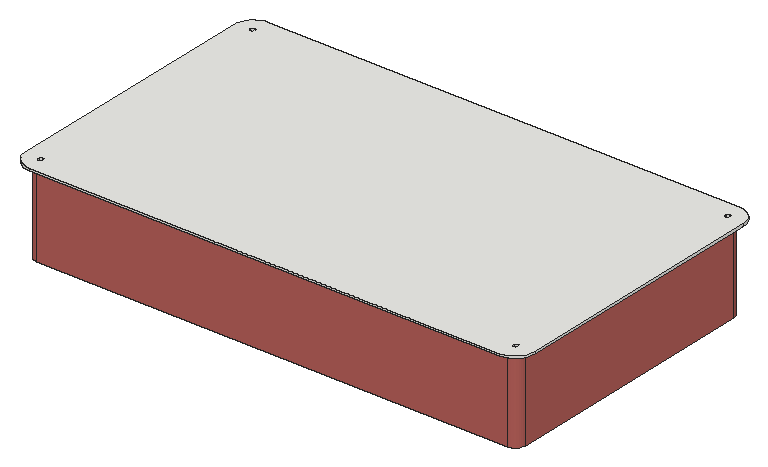
Revit family "Building-FlushMountingEnclosures-GEWISS-48PTDIN-JUNCTION-BOXES_FLUSH-MOUNTING", category Apparecchi elettrici, host Superficie, Revit 2016
Family settings
  Host = Superficie
  Mantenere orientamento annotazione = Sì
  Tipo di parte = Normale
  Quota connettore circolare = Usa diametro
  Numero OmniClass = 23.80.30.14.24
  Titolo OmniClass = Junction Boxes
  Taglio con vuoti quando caricato = No
  Condiviso = No
  Punto di calcolo locali = Sì
Parameters (values of type "GW48011 - F. MOU. JUNCTION BOX DIN RAIL 516X294X90")
  Voltaggio = 0 V
  Version file RFA = "18.0"
  VISTA DI PIANTA [instance] = yes
  URL = "https://www.gewiss.com/ww/en"
  Type of material = "Halogen-free in compliance with EN 60754-2"
  Thermo-pressure with ball = "70 °C"
  Technical sheet = "https://www.gewiss.com/ww/en/search?q=GW48011"
  Shock resistance = "IK07"
  SIMBOLO [instance] = yes
  SEO = "Box"
  Realized by GEWISS S.p.A. = ""
  Produttore = "GEWISS S.p.A."
  Outer dim. LxHxD (mm) = "516x294x90"
  Operating temperature = "-15 ÷ +60°C"
  No. supports GW44720 = "5"
  No. EN 50022 mod. per comp. = "4"
  Modello = "GW48011"
  Lid colour = "White RAL 9016"
  Installation = "Flush mounting enclosures"
  Immagine tipo = GW48006.jpg
  Tappo = GEWISS - BIANCO RAL 9016
  Scatola = ROSSO RAL 3000
  IP degree = "IP40"
  IDT = "0a8aa141-8753-4dc7-abbd-525a4c5009ab"
  IDF = "3007df68-f553-430e-b932-b1a6c43847ef"
  Glow Wire Test = "650°C"
  GEWISS SCHEDA TECNICA = "http://pro.gewiss.com/irj/portal/?NavigationTarget=pcd:portal_content/com.gewiss.ZPPFDMain/com.gewiss.ZPPFDITMain/com.gewiss.ZPPFDITMainDefault/com.gewiss.ZPPFDITPages/com.gewiss.ZPPFDITPagesAP/com.gewiss.ZPPFDITPagesAPCatalogo/com.gewiss.ZPPPDITAPProductDetail&codProd=GW48011"
  Default Elevation = 1219.2 mm
  Profondità = 90 mm
  Lunghezza = 516 mm
  Larghezza = 294 mm
  For walls = "Masonry"
  Electrocod = "0220"
  EAN code = "8011564016484"
  Domotic equipment coupling = "DIN rail"
  Distanza orizzontale del simbolo [instance] = 0 mm
  Distanza dal muro [instance] = 4.208 mm
  Dispersible power (W) = "30"
  Dispersible max power (W) = "30"
  Descrizione = "F. MOU. JUNCTION BOX DIN RAIL 516X294X90"
  Compartment pre-arrangement = "6"
  Classificazione = Other
  Catalogue Range = "48 PTDIN"
  Catalogue = "BUILDING"
  Carico apparente = 0 VA
  COBie.Tagnumber = ""
  COBie.CreatedOn = ""
  COBie.CreatebBy = ""
  COBie.ComponentRegisterItemID = ""
  COBie.Component.TagNumber = ""
  COBie.Component.Space = ""
  COBie.Component.SerialNumber = ""
  COBie.Component.InstallationDate = ""
  COBie.Component.Description = ""
  COBie.Component.BarCode = ""
  Bordo = 4 mm
Reference planes
  plane 1 "Centro (Fronte/Retro)": y = 0
  plane 2: z = 0
  plane 3 "Centro (Sinistra/Destra)": x = 0
  plane 4: x = -258
  plane 5: y = -147
  plane 6: x = 258
  plane 7: y = 147
  plane 8: y = 144.823
  plane 9: x = 255.823
  plane 10: y = -144.823
  plane 11: x = -255.823
  plane 12: z = -90
  plane 13: y = 139
  plane 14: y = -139
  plane 15: x = -249.947
  plane 16: x = 249.947
  plane 17: x = -268
  plane 18: y = -157
  plane 19: x = 268
  plane 20: y = 157
  plane 21: z = 2
  plane 22: x = 0
Forms (mm)
  Extrusion 1, void
    sketch origin (0, 0, 0) x (1, 0, 0) y (0, 1, 0)
      loop
        line (-258, 136.5) -> (-258, -136.5)
        arc (-258, -136.5) -> (-254.925, -143.925) -> (-247.5, -147) r 10.5
        line (-247.5, -147) -> (247.5, -147)
        arc (247.5, -147) -> (254.925, -143.925) -> (258, -136.5) r 10.5
        line (258, -136.5) -> (258, 136.5)
        arc (258, 136.5) -> (254.925, 143.925) -> (247.5, 147) r 10.5
        line (247.5, 147) -> (-247.5, 147)
        arc (-247.5, 147) -> (-254.925, 143.925) -> (-258, 136.5) r 10.5
    from -90 to 0
  Extrusion 2, solid, material "ROSSO RAL 3000" <- "Scatola"
    sketch origin (0, 0, 0) x (1, 0, 0) y (0, 1, 0)
      loop
        arc (-247.5, 147) -> (-254.925, 143.925) -> (-258, 136.5) r 10.5
        line (-258, 136.5) -> (-258, -136.5)
        arc (-258, -136.5) -> (-254.925, -143.925) -> (-247.5, -147) r 10.5
        line (-247.5, -147) -> (247.5, -147)
        arc (247.5, -147) -> (254.925, -143.925) -> (258, -136.5) r 10.5
        line (258, -136.5) -> (258, 136.5)
        arc (258, 136.5) -> (254.925, 143.925) -> (247.5, 147) r 10.5
        line (247.5, 147) -> (-247.5, 147)
      loop
        arc (-247.5, 144.823) -> (-253.386, 142.386) -> (-255.823, 136.5) r 8.323
        line (-255.823, 136.5) -> (-255.823, -136.5)
        arc (-255.823, -136.5) -> (-253.386, -142.386) -> (-247.5, -144.823) r 8.323
        line (-247.5, -144.823) -> (247.5, -144.823)
        arc (247.5, -144.823) -> (253.386, -142.386) -> (255.823, -136.5) r 8.323
        line (255.823, -136.5) -> (255.823, 136.5)
        arc (255.823, 136.5) -> (253.386, 142.386) -> (247.5, 144.823) r 8.323
        line (247.5, 144.823) -> (-247.5, 144.823)
    from -90 to 0
  Extrusion 3, solid
    sketch origin (0, 0, 0) x (1, 0, 0) y (0, 1, 0)
      loop
        line (-255.823, 133.384) -> (-252.592, 133.384)
        arc (-252.592, 133.384) -> (-247.664, 136.157) -> (-244.596, 140.907) r 11.782
        line (-244.596, 140.907) -> (-244.596, 144.823) -> (-247.5, 144.823)
        arc (-247.5, 144.823) -> (-253.386, 142.386) -> (-255.823, 136.5) r 8.323
        line (-255.823, 136.5) -> (-255.823, 133.384)
      loop
        line (255.823, 133.384) -> (255.823, 136.5)
        arc (255.823, 136.5) -> (253.386, 142.386) -> (247.5, 144.823) r 8.323
        line (247.5, 144.823) -> (244.596, 144.823) -> (244.596, 140.907)
        arc (244.596, 140.907) -> (247.664, 136.157) -> (252.592, 133.384) r 11.782
        line (252.592, 133.384) -> (255.823, 133.384)
      loop
        line (-255.823, -133.384) -> (-255.823, -136.5)
        arc (-255.823, -136.5) -> (-253.386, -142.386) -> (-247.5, -144.823) r 8.323
        line (-247.5, -144.823) -> (-244.596, -144.823) -> (-244.596, -140.907)
        arc (-244.596, -140.907) -> (-247.664, -136.157) -> (-252.592, -133.384) r 11.782
        line (-252.592, -133.384) -> (-255.823, -133.384)
      loop
        line (255.823, -133.384) -> (252.592, -133.384)
        arc (252.592, -133.384) -> (247.664, -136.157) -> (244.596, -140.907) r 11.782
        line (244.596, -140.907) -> (244.596, -144.823) -> (247.5, -144.823)
        arc (247.5, -144.823) -> (253.386, -142.386) -> (255.823, -136.5) r 8.323
        line (255.823, -136.5) -> (255.823, -133.384)
    from -2.208 to 0
  Extrusion 4, void
    sketch origin (0, 0, 0) x (1, 0, 0) y (0, 1, 0)
      loop
        circle (-249.947, 139) r 2.408
      loop
        circle (249.947, 139) r 2.408
      loop
        circle (-249.947, -139) r 2.408
      loop
        circle (249.947, -139) r 2.408
    from -2.208 to 2
  Extrusion 5, solid, material "GEWISS - BIANCO RAL 9016" <- "Tappo"
    sketch origin (0, 0, 0) x (1, 0, 0) y (0, 1, 0)
      loop
        arc (-247.5, 157) -> (-261.996, 150.996) -> (-268, 136.5) r 20.5
        line (-268, 136.5) -> (-268, -136.5)
        arc (-268, -136.5) -> (-261.996, -150.996) -> (-247.5, -157) r 20.5
        line (-247.5, -157) -> (247.5, -157)
        arc (247.5, -157) -> (261.996, -150.996) -> (268, -136.5) r 20.5
        line (268, -136.5) -> (268, 136.5)
        arc (268, 136.5) -> (261.996, 150.996) -> (247.5, 157) r 20.5
        line (247.5, 157) -> (-247.5, 157)
    from 0 to 2
Cuts and joins
  Extrusion 4 cuts Extrusion 5
Lines and regions (mm)
  Masking region 1, visible <- "VISTA DI PIANTA"
    outline origin (0, 0, 0) x (1, 0, 0) y (0, 0, 1)
      loop
        line (-258, -90) -> (258, -90) -> (258, 0) -> (-258, 0) -> (-258, -90)
  Masking region 2, visible <- "VISTA DI PIANTA"
    outline origin (0, 0, 0) x (1, 0, 0) y (0, 0, 1)
      loop
        line (-268, 0) -> (268, 0) -> (268, 2) -> (-268, 2) -> (-268, 0)
  Masking region 3
    outline origin (0, 0, 0) x (0, 1, 0) y (0, 0, 1)
      loop
        line (-147, -90) -> (147, -90) -> (147, 0) -> (-147, 0) -> (-147, -90)
  Masking region 4
    outline origin (0, 0, 0) x (0, 1, 0) y (0, 0, 1)
      loop
        line (-157, 0) -> (157, 0) -> (157, 2) -> (-157, 2) -> (-157, 0)
Dimensions and locks
  equal spacing: plane 7, plane 1 "Centro (Fronte/Retro)", plane 5
  equal spacing: plane 4, plane 3 "Centro (Sinistra/Destra)", plane 6
  "Lunghezza": plane 4 to plane 6
  "Larghezza": plane 7 to plane 5
  plane 4 to plane 11 = 2.177 mm  (x2)
  plane 9 to plane 6 = 2.177 mm  (x2)
  plane 10 to plane 5 = 2.177 mm
  plane 7 to plane 8 = 2.177 mm
  "Profondità": plane 2 to plane 12
  locked: plane 11 to plane 15 at 5.876
  locked: plane 7 to plane 13 at 8
  locked: plane 14 to plane 5 at 8
  locked: plane 16 to plane 6 at 8.053
  locked: plane 2 to Extrusion 3 at 2.208
  locked: plane 20 to plane 7 at 10
  locked: plane 17 to plane 4 at 10
  locked: plane 5 to plane 18 at 10
  locked: plane 6 to plane 19 at 10
  plane 21 to plane 2 = 2 mm
  "Distanza orizzontale del simbolo": plane 22 to plane 3 "Centro (Sinistra/Destra)"
  aligned and locked: plane 2 to host face
  aligned and locked: level to host face
  aligned and locked: Extrusion 1 sketch curve to plane 4
  aligned and locked: Extrusion 1 sketch curve to plane 7
  aligned and locked: Extrusion 1 sketch curve to plane 6
  aligned and locked: Extrusion 1 sketch curve to plane 5
  aligned and locked: Extrusion 1 to plane 12
  aligned and locked: plane 2 to Extrusion 1
  aligned and locked: Extrusion 2 sketch curve to plane 4
  aligned and locked: Extrusion 2 sketch curve to plane 11
  aligned and locked: Extrusion 2 sketch curve to plane 10
  aligned and locked: Extrusion 2 sketch curve to plane 5
  aligned and locked: Extrusion 2 sketch curve to plane 6
  aligned and locked: Extrusion 2 sketch curve to plane 9
  aligned and locked: Extrusion 2 sketch curve to plane 8
  aligned and locked: Extrusion 2 sketch curve to plane 7
  aligned and locked: Extrusion 2 to plane 12
  aligned and locked: plane 2 to Extrusion 2
  aligned and locked: plane 11 to Extrusion 3 sketch curve  (x2)
  aligned and locked: Extrusion 3 sketch curve to plane 8  (x2)
  aligned and locked: Extrusion 3 sketch curve to plane 10  (x2)
  aligned and locked: plane 9 to Extrusion 3 sketch curve  (x2)
  aligned and locked: plane 2 to Extrusion 3
  aligned and locked: plane 15 to Extrusion 4 sketch curve
  aligned and locked: plane 13 to Extrusion 4 sketch curve
  aligned and locked: Extrusion 4 sketch curve to plane 16
  aligned and locked: Extrusion 4 sketch curve to plane 13
  aligned and locked: plane 14 to Extrusion 4 sketch curve
  aligned and locked: plane 16 to Extrusion 4 sketch curve
  aligned and locked: Extrusion 4 sketch curve to plane 15
  aligned and locked: Extrusion 4 sketch curve to plane 14
  aligned and locked: Extrusion 3 to Extrusion 4
  aligned and locked: Extrusion 5 sketch curve to plane 19
  aligned and locked: Extrusion 5 sketch curve to plane 18
  aligned and locked: Extrusion 5 sketch curve to plane 17
  aligned and locked: Extrusion 5 sketch curve to plane 20
  aligned and locked: Extrusion 5 to plane 21
  aligned and locked: Extrusion 4 to plane 21
  aligned and locked: plane 22 to nested 1
  aligned and locked: Masking region 1 sketch curve to Extrusion 2  (x4)
  aligned and locked: Masking region 2 sketch curve to cut or joined group of Extrusion 4, Extrusion 5  (x4)
  aligned and locked: Masking region 3 sketch curve to Extrusion 2  (x4)
  aligned and locked: Masking region 4 sketch curve to cut or joined group of Extrusion 4, Extrusion 5  (x4)
  aligned and locked: plane 3 "Centro (Sinistra/Destra)" to nested 2
  aligned and locked: plane 1 "Centro (Fronte/Retro)" to nested 2
Automatic sketch dimensions
  host sketch curve to host sketch curve = 2438.4 mm  (x2)
  Extrusion 1 sketch curve to Extrusion 1 sketch curve = 0 mm  (x3)
  plane 11 to Extrusion 1 sketch curve = 8.323 mm
  Extrusion 2 sketch curve to Extrusion 2 sketch curve = 0 mm  (x13)
  Extrusion 2 sketch curve to plane 9 = 0 mm
  plane 10 to Extrusion 2 sketch curve = 0 mm
  plane 5 to Extrusion 2 sketch curve = 10.5 mm  (x2)
  Extrusion 2 sketch curve to plane 7 = 10.5 mm  (x2)
  plane 4 to Extrusion 2 sketch curve = 10.5 mm
  plane 11 to Extrusion 2 sketch curve = 8.323 mm
  Extrusion 2 sketch curve to plane 6 = 10.5 mm
  plane 11 to Extrusion 2 sketch curve = 0 mm  (x2)
  plane 11 to Extrusion 3 sketch curve = 0.085 mm  (x2)
  Extrusion 3 sketch curve to plane 15 = 2.645 mm  (x2)
  plane 15 to Extrusion 3 sketch curve = 2.447 mm  (x2)
  Extrusion 3 sketch curve to Extrusion 3 sketch curve = 2.904 mm  (x2)
  plane 16 to Extrusion 3 sketch curve = 5.351 mm  (x2)
  plane 16 to Extrusion 3 sketch curve = 2.447 mm  (x2)
  Extrusion 3 sketch curve to plane 16 = 2.645 mm  (x2)
  Extrusion 3 sketch curve to plane 9 = 0.085 mm  (x2)
  plane 10 to Extrusion 3 sketch curve = 0.085 mm  (x2)
  plane 14 to Extrusion 3 sketch curve = 1.907 mm  (x2)
  Extrusion 3 sketch curve to plane 14 = 2.5 mm  (x2)
  Extrusion 3 sketch curve to plane 13 = 5.616 mm  (x2)
  Extrusion 3 sketch curve to plane 13 = 2.5 mm  (x2)
  plane 13 to Extrusion 3 sketch curve = 1.907 mm  (x2)
  plane 11 to Extrusion 3 sketch curve = 0 mm
  Extrusion 3 sketch curve to Extrusion 3 sketch curve = 0 mm  (x11)
  plane 15 to Extrusion 5 sketch curve = 2.447 mm  (x2)
  plane 16 to Extrusion 5 sketch curve = 2.447 mm  (x2)
  radius of Extrusion 4 sketch curve = 2.408 mm  (x4)
Nested families
  nested 1: "CASSDERIVAZINC" at (0, 124.167, 0), Distanza dal muro <- "Distanza dal muro", SIMBOLO ACCESO <- "SIMBOLO", type "CASSETTAINC"
    with SIMBOLO ACCESO yes, Distanza dal muro 4.208 mm, BORDO ACCESO yes
  nested 2: "2D - 48PTDIN CASSETTE DERIVAZIONE INCASSO" at (0, 0, 0), Larghezza <- "Larghezza", Lunghezza <- "Lunghezza", type "BIDIMENSIONALE"
    with Lunghezza 516 mm, Larghezza 294 mm
Connectors
  electrical at (0, 0, -90), driven by "Voltaggio", driven by "Classificazione", driven by "Carico apparente"
    settings: on host face, index 1, voltage 0 V, apparent load 0 VA, apparent load phase1 0 VA, apparent load phase2 0 VA, apparent load phase3 0 VA, power factor 1, load classification "Other", number of poles 1, system type 31, power factor state 1, is connector primary yes, connector utility no, sub classification motor no, connector description ""
Definition of nested family "CASSDERIVAZINC"
  Parameters (values of type "CASSETTAINC")
    SIMBOLO ACCESO [instance] = yes
    Distanza dal muro [instance] = 4.208 mm
    BORDO ACCESO [instance] = yes
  Reference planes
    plane 1: y = 0
    plane 2: x = 0
  Dimensions and locks
    "Distanza dal muro": plane 1 to nested 1
    aligned and locked: plane 2 to nested 1
  Nested families
    nested 1: "CASSDERIVAZINC_BASE" at (0, 4.208, 0), BORDO ACCESO <- "BORDO ACCESO", visible <- "SIMBOLO ACCESO", type "SIMBOLO"
      with BORDO ACCESO yes
  Definition of nested family "CASSDERIVAZINC_BASE"
    Parameters (values of type "SIMBOLO")
      Distanza dal muro = 4.208 mm
      BORDO ACCESO [instance] = yes
    Reference planes
      plane 1: y = 0
      plane 2: x = 0
    Lines and regions (mm)
      detail lines, visible <- "BORDO ACCESO", not visible
        curve 1: line (-2.443, 10.208, 0) -> (2.057, 10.208, 0)
        curve 2: line (2.057, 10.208, 0) -> (2.057, 4.208, 0)
        curve 3: line (2.057, 4.208, 0) -> (-2.443, 4.208, 0)
        curve 4: line (-2.443, 4.208, 0) -> (-2.443, 10.208, 0)
        curve 5: line (-2.043, 9.808, 0) -> (1.657, 9.808, 0)
        curve 6: line (1.657, 9.808, 0) -> (1.657, 4.608, 0)
        curve 7: line (1.657, 4.608, 0) -> (-2.043, 4.608, 0)
        curve 8: line (-2.043, 4.608, 0) -> (-2.043, 9.808, 0)
      detail lines
        curve 9: circle (0, 1.25, 0) r 0.1 normal (0, 0, 1)
        curve 10: circle (0, 1.25, 0) r 0.809 normal (0, 0, 1)
Definition of nested family "2D - 48PTDIN CASSETTE DERIVAZIONE INCASSO"
  Parameters (values of type "BIDIMENSIONALE")
    Lunghezza [instance] = 240 mm
    Larghezza [instance] = 200 mm
  Reference planes
    plane 1 "Centro (Fronte/Retro)": y = 0
    plane 2: z = 0
    plane 3 "Centro (Sinistra/Destra)": x = 0
    plane 4: x = -120
    plane 5: x = 120
    plane 6: y = 100
    plane 7: y = -100
  Lines and regions (mm)
    detail lines, in view "Livello rif.", not visible
      curve 1: arc (-58.896, -2.752, 0) -> (-58.521, -2.777, 0) -> (-58.147, -2.752, 0) r 2.777
      curve 2: line (-58.896, 2.752, 0) -> (-58.896, 0.471, 0)
      curve 3: line (-58.896, 0.471, 0) -> (-60.229, 0.471, 0)
      curve 4: line (-60.229, 0.471, 0) -> (-60.229, -0.471, 0)
      curve 5: line (-58.147, 2.752, 0) -> (-58.147, 0.471, 0)
      curve 6: line (-58.147, 0.471, 0) -> (-56.814, 0.471, 0)
      curve 7: line (-58.147, -2.752, 0) -> (-58.147, -0.471, 0)
      curve 8: line (-58.147, -0.471, 0) -> (-56.814, -0.471, 0)
      curve 9: line (-58.896, -2.752, 0) -> (-58.896, -0.471, 0)
      curve 10: line (-58.896, -0.471, 0) -> (-60.229, -0.471, 0)
      curve 11: line (-56.814, 0.471, 0) -> (-56.814, -0.471, 0)
      curve 12: arc (-58.147, -2.752, 0) -> (-55.744, 0, 0) -> (-58.147, 2.752, 0) r 2.777
      curve 13: arc (-58.896, 2.752, 0) -> (-61.298, 0, 0) -> (-58.896, -2.752, 0) r 2.777
      curve 14: arc (-58.147, 2.752, 0) -> (-58.521, 2.777, 0) -> (-58.896, 2.752, 0) r 2.777
      curve 15: line (-52.546, 11.442, 0) -> (-49.625, 8.458, 0)
      curve 16: line (-50.324, 7.759, 0) -> (-52.991, 10.426, 0)
      curve 17: line (-52.991, 10.426, 0) -> (-52.546, 11.442, 0)
      curve 18: line (-37.306, 8.14, 0) -> (-36.607, 7.441, 0)
      curve 19: arc (-49.625, 8.458, 0) -> (-43.53, 5.801, 0) -> (-37.306, 8.14, 0) r 8.848
      curve 20: arc (-50.324, 7.759, 0) -> (-43.53, 4.813, 0) -> (-36.607, 7.441, 0) r 9.835
      curve 21: line (-39.92, 24.089, 0) -> (-36.936, 21.168, 0)
      curve 22: line (-36.237, 21.867, 0) -> (-38.904, 24.534, 0)
      curve 23: line (-38.904, 24.534, 0) -> (-39.92, 24.089, 0)
      curve 24: line (-36.618, 8.849, 0) -> (-35.919, 8.15, 0)
      curve 25: arc (-36.936, 21.168, 0) -> (-34.28, 15.073, 0) -> (-36.618, 8.849, 0) r 8.848
      curve 26: arc (-36.237, 21.867, 0) -> (-33.292, 15.073, 0) -> (-35.919, 8.15, 0) r 9.835
      curve 411: arc (-88, -219.002, 0) -> (-95.071, -221.931, 0) -> (-98, -229.002, 0) r 10
      curve 412: arc (98, -229.002, 0) -> (95.071, -221.931, 0) -> (88, -219.002, 0) r 10
      curve 413: arc (88, -371.002, 0) -> (95.071, -368.073, 0) -> (98, -361.002, 0) r 10
      curve 414: arc (-98, -361.002, 0) -> (-95.071, -368.073, 0) -> (-88, -371.002, 0) r 10
      curve 415: arc (86.883, -363.908, 0) -> (86.878, -366.121, 0) -> (89.09, -366.122, 0) r 1.563
      curve 416: arc (93.118, -362.095, 0) -> (93.122, -359.883, 0) -> (90.91, -359.881, 0) r 1.563
      curve 417: arc (-90.907, -359.884, 0) -> (-93.119, -359.88, 0) -> (-93.12, -362.092, 0) r 1.563
      curve 418: arc (-89.093, -366.119, 0) -> (-86.881, -366.124, 0) -> (-86.88, -363.912, 0) r 1.563
      curve 419: arc (90.907, -230.119, 0) -> (93.117, -230.125, 0) -> (93.123, -227.915, 0) r 1.563
      curve 420: arc (89.093, -223.884, 0) -> (86.883, -223.878, 0) -> (86.876, -226.088, 0) r 1.563
      curve 421: arc (-86.88, -226.092, 0) -> (-86.882, -223.878, 0) -> (-89.095, -223.886, 0) r 1.563
      curve 422: arc (-93.12, -227.912, 0) -> (-93.118, -230.125, 0) -> (-90.905, -230.117, 0) r 1.563
      curve 423: arc (87.998, -368.627, 0) -> (93.394, -366.392, 0) -> (95.629, -360.996, 0) r 7.631
      curve 424: arc (-95.624, -361.003, 0) -> (-93.392, -366.394, 0) -> (-88.001, -368.627, 0) r 7.624
      curve 425: arc (95.629, -228.995, 0) -> (93.396, -223.606, 0) -> (88.007, -221.373, 0) r 7.622
      curve 426: arc (-87.994, -221.373, 0) -> (-93.39, -223.608, 0) -> (-95.624, -229.004, 0) r 7.63
      curve 427: arc (90.462, -358.039, 0) -> (87.315, -360.317, 0) -> (85.037, -363.463, 0) r 12.282
      curve 428: arc (94.229, -357.078, 0) -> (93.406, -357.124, 0) -> (92.588, -357.226, 0) r 12.113
      curve 429: arc (84.225, -365.59, 0) -> (84.122, -366.409, 0) -> (84.076, -367.234, 0) r 12.113
      curve 430: arc (-85.037, -363.463, 0) -> (-87.315, -360.317, 0) -> (-90.462, -358.039, 0) r 12.282
      curve 431: arc (-92.588, -357.226, 0) -> (-93.406, -357.124, 0) -> (-94.229, -357.078, 0) r 12.113
      curve 432: arc (-84.076, -367.235, 0) -> (-84.122, -366.41, 0) -> (-84.225, -365.59, 0) r 12.113
      curve 433: arc (85.037, -226.54, 0) -> (87.315, -229.686, 0) -> (90.462, -231.964, 0) r 12.282
      curve 434: arc (92.588, -232.777, 0) -> (93.406, -232.879, 0) -> (94.229, -232.925, 0) r 12.113
      curve 435: arc (84.076, -222.769, 0) -> (84.122, -223.594, 0) -> (84.225, -224.414, 0) r 12.113
      curve 436: arc (-90.462, -231.964, 0) -> (-87.315, -229.686, 0) -> (-85.037, -226.54, 0) r 12.282
      curve 437: arc (-94.229, -232.925, 0) -> (-93.406, -232.879, 0) -> (-92.588, -232.777, 0) r 12.113
      curve 438: arc (-84.225, -224.413, 0) -> (-84.122, -223.594, 0) -> (-84.076, -222.769, 0) r 12.113
      curve 439: arc (84.425, -364.963, 0) -> (84.32, -365.275, 0) -> (84.225, -365.59, 0) r 12.26
      curve 440: arc (84.225, -224.414, 0) -> (84.32, -224.728, 0) -> (84.425, -225.04, 0) r 12.26
      curve 441: arc (-84.225, -365.59, 0) -> (-84.32, -365.275, 0) -> (-84.425, -364.963, 0) r 12.26
      curve 442: arc (-84.425, -225.04, 0) -> (-84.32, -224.728, 0) -> (-84.225, -224.413, 0) r 12.26
      curve 443: arc (84.076, -367.234, 0) -> (84.003, -367.833, 0) -> (83.959, -368.434, 0) r 12.054
      curve 444: arc (-83.959, -368.434, 0) -> (-84.003, -367.833, 0) -> (-84.076, -367.235, 0) r 12.054
      curve 445: arc (94.229, -232.925, 0) -> (94.828, -232.999, 0) -> (95.43, -233.043, 0) r 12.055
      curve 446: arc (91.962, -232.577, 0) -> (92.274, -232.681, 0) -> (92.588, -232.777, 0) r 12.26
      curve 447: arc (92.588, -357.226, 0) -> (92.274, -357.322, 0) -> (91.962, -357.426, 0) r 12.26
      curve 448: arc (95.43, -356.961, 0) -> (94.828, -357.004, 0) -> (94.229, -357.078, 0) r 12.055
      curve 449: arc (-95.43, -233.043, 0) -> (-94.828, -232.999, 0) -> (-94.229, -232.925, 0) r 12.055
      curve 450: arc (-91.962, -357.426, 0) -> (-92.274, -357.322, 0) -> (-92.588, -357.226, 0) r 12.26
      curve 451: arc (-92.588, -232.777, 0) -> (-92.274, -232.681, 0) -> (-91.962, -232.577, 0) r 12.26
      curve 452: arc (-94.229, -357.078, 0) -> (-94.828, -357.004, 0) -> (-95.43, -356.961, 0) r 12.055
      curve 453: arc (83.959, -221.569, 0) -> (84.003, -222.171, 0) -> (84.076, -222.769, 0) r 12.054
      curve 454: arc (-84.076, -222.769, 0) -> (-84.003, -222.171, 0) -> (-83.959, -221.569, 0) r 12.054
      curve 455: line (87.5, -241.002, 0) -> (87.5, -249.624, 0)
      curve 456: line (-98, -361.002, 0) -> (-98, -229.002, 0)
      curve 457: line (-88, -219.002, 0) -> (88, -219.002, 0)
      curve 458: line (89.09, -366.122, 0) -> (93.118, -362.095, 0)
      curve 459: line (86.883, -363.908, 0) -> (90.91, -359.881, 0)
      curve 542: line (-86.88, -363.912, 0) -> (-90.907, -359.884, 0)
      curve 543: line (-89.093, -366.119, 0) -> (-93.12, -362.092, 0)
      curve 544: line (86.876, -226.088, 0) -> (90.907, -230.119, 0)
      curve 545: line (89.093, -223.884, 0) -> (93.123, -227.915, 0)
      curve 546: line (-89.095, -223.886, 0) -> (-93.12, -227.912, 0)
      curve 547: line (-86.88, -226.092, 0) -> (-90.905, -230.117, 0)
      curve 548: line (95.629, -360.996, 0) -> (95.629, -228.995, 0)
      curve 549: line (88.007, -221.373, 0) -> (-87.994, -221.373, 0)
      curve 550: line (-95.624, -361.003, 0) -> (-95.624, -229.004, 0)
      curve 551: line (87.998, -368.627, 0) -> (-88.001, -368.627, 0)
      curve 552: line (23.15, -226.54, 0) -> (62.05, -226.54, 0)
      curve 553: line (90.462, -255.352, 0) -> (90.462, -294.252, 0)
      curve 554: line (90.462, -295.752, 0) -> (90.462, -334.652, 0)
      curve 555: line (23.15, -363.463, 0) -> (62.05, -363.463, 0)
      curve 556: line (-62.05, -363.463, 0) -> (-23.15, -363.463, 0)
      curve 557: line (-90.462, -295.752, 0) -> (-90.462, -334.652, 0)
      curve 558: line (-90.462, -255.352, 0) -> (-90.462, -294.252, 0)
      curve 559: line (-62.05, -226.54, 0) -> (-23.15, -226.54, 0)
      curve 560: line (90.462, -336.152, 0) -> (90.462, -358.039, 0)
      curve 561: line (90.462, -358.039, 0) -> (90.959, -357.802, 0)
      curve 562: line (90.959, -357.802, 0) -> (90.462, -358.039, 0)
      curve 563: line (63.55, -363.463, 0) -> (85.037, -363.463, 0)
      curve 564: line (85.037, -363.463, 0) -> (84.8, -363.96, 0)
      curve 565: line (84.8, -363.96, 0) -> (85.037, -363.463, 0)
      curve 566: line (-85.037, -363.463, 0) -> (-84.8, -363.96, 0)
      curve 567: line (-84.8, -363.96, 0) -> (-85.037, -363.463, 0)
      curve 568: line (-85.037, -363.463, 0) -> (-63.55, -363.463, 0)
      curve 569: line (-90.462, -336.152, 0) -> (-90.462, -358.039, 0)
      curve 570: line (-90.462, -358.039, 0) -> (-90.959, -357.802, 0)
      curve 571: line (-90.959, -357.802, 0) -> (-90.462, -358.039, 0)
      curve 572: line (63.55, -226.54, 0) -> (85.037, -226.54, 0)
      curve 573: line (85.037, -226.54, 0) -> (84.8, -226.043, 0)
      curve 574: line (84.8, -226.043, 0) -> (85.037, -226.54, 0)
      curve 575: line (90.462, -231.964, 0) -> (90.959, -232.201, 0)
      curve 576: line (90.959, -232.201, 0) -> (90.462, -231.964, 0)
      curve 577: line (90.462, -231.964, 0) -> (90.462, -253.852, 0)
      curve 578: line (-90.462, -231.964, 0) -> (-90.959, -232.201, 0)
      curve 579: line (-90.959, -232.201, 0) -> (-90.462, -231.964, 0)
      curve 580: line (-90.462, -231.964, 0) -> (-90.462, -253.852, 0)
      curve 581: line (-85.037, -226.54, 0) -> (-84.8, -226.043, 0)
      curve 582: line (-84.8, -226.043, 0) -> (-85.037, -226.54, 0)
      curve 583: line (-85.037, -226.54, 0) -> (-63.55, -226.54, 0)
      curve 584: line (1.2, -363.463, 0) -> (21.65, -363.463, 0)
      curve 585: line (1.2, -226.54, 0) -> (21.65, -226.54, 0)
      curve 586: line (-21.65, -363.463, 0) -> (-1.2, -363.463, 0)
      curve 587: line (-21.65, -226.54, 0) -> (-1.2, -226.54, 0)
      curve 588: line (84.408, -225.042, 0) -> (84.476, -225.241, 0)
      curve 589: line (84.476, -225.241, 0) -> (84.41, -225.048, 0)
      curve 590: line (84.476, -225.241, 0) -> (84.8, -226.043, 0)
      curve 591: line (84.8, -226.043, 0) -> (84.476, -225.241, 0)
      curve 592: line (1.2, -230.002, 0) -> (11.368, -230.002, 0)
      curve 593: line (11.368, -230.002, 0) -> (21.65, -230.002, 0)
      curve 594: line (21.65, -230.002, 0) -> (21.65, -225.07, 0)
      curve 595: line (21.65, -225.07, 0) -> (23.15, -225.07, 0)
      curve 596: line (23.15, -225.07, 0) -> (23.15, -230.002, 0)
      curve 597: line (23.15, -230.002, 0) -> (62.05, -230.002, 0)
      curve 598: line (62.05, -230.002, 0) -> (62.05, -225.07, 0)
      curve 599: line (62.05, -225.07, 0) -> (63.55, -225.07, 0)
      curve 600: line (63.55, -225.07, 0) -> (63.55, -230.002, 0)
      curve 601: line (63.55, -230.002, 0) -> (77.5, -230.002, 0)
      curve 602: line (77.5, -230.002, 0) -> (87.5, -240.002, 0)
      curve 603: line (87.5, -240.002, 0) -> (87.5, -253.852, 0)
      curve 604: line (87.5, -253.852, 0) -> (91.932, -253.852, 0)
      curve 605: line (91.932, -253.852, 0) -> (91.932, -255.352, 0)
      curve 606: line (91.932, -255.352, 0) -> (87.5, -255.352, 0)
      curve 607: line (87.5, -255.352, 0) -> (87.5, -294.252, 0)
      curve 608: line (87.5, -294.252, 0) -> (91.932, -294.252, 0)
      curve 609: line (91.932, -294.252, 0) -> (91.932, -295.002, 0)
      curve 610: line (91.932, -295.002, 0) -> (91.932, -295.752, 0)
      curve 611: line (91.932, -295.752, 0) -> (87.5, -295.752, 0)
      curve 612: line (87.5, -295.752, 0) -> (87.5, -334.652, 0)
      curve 613: line (87.5, -334.652, 0) -> (91.932, -334.652, 0)
      curve 614: line (91.932, -334.652, 0) -> (91.932, -336.152, 0)
      curve 615: line (91.932, -336.152, 0) -> (87.5, -336.152, 0)
      curve 616: line (87.5, -336.152, 0) -> (87.5, -350.002, 0)
      curve 617: line (87.5, -350.002, 0) -> (77.5, -360.002, 0)
      curve 618: line (77.5, -360.002, 0) -> (63.55, -360.002, 0)
      curve 619: line (63.55, -360.002, 0) -> (63.55, -364.933, 0)
      curve 620: line (91.959, -232.594, 0) -> (91.76, -232.525, 0)
      curve 621: line (91.76, -232.525, 0) -> (91.954, -232.592, 0)
      curve 622: line (91.76, -232.525, 0) -> (90.959, -232.201, 0)
      curve 623: line (90.959, -232.201, 0) -> (91.76, -232.525, 0)
      curve 624: line (91.959, -357.41, 0) -> (91.76, -357.478, 0)
      curve 625: line (91.76, -357.478, 0) -> (91.954, -357.411, 0)
      curve 626: line (91.76, -357.478, 0) -> (90.959, -357.802, 0)
      curve 627: line (90.959, -357.802, 0) -> (91.76, -357.478, 0)
      curve 628: line (1.2, -360.002, 0) -> (11.368, -360.002, 0)
      curve 629: line (11.368, -360.002, 0) -> (21.65, -360.002, 0)
      curve 630: line (21.65, -360.002, 0) -> (21.65, -364.933, 0)
      curve 631: line (21.65, -364.933, 0) -> (23.15, -364.933, 0)
      curve 632: line (23.15, -364.933, 0) -> (23.15, -360.002, 0)
      curve 633: line (23.15, -360.002, 0) -> (62.05, -360.002, 0)
      curve 634: line (62.05, -360.002, 0) -> (62.05, -364.933, 0)
      curve 635: line (62.05, -364.933, 0) -> (63.55, -364.933, 0)
      curve 636: line (84.408, -364.961, 0) -> (84.476, -364.762, 0)
      curve 637: line (84.476, -364.762, 0) -> (84.41, -364.955, 0)
      curve 638: line (84.476, -364.762, 0) -> (84.8, -363.96, 0)
      curve 639: line (84.8, -363.96, 0) -> (84.476, -364.762, 0)
      curve 640: line (-1.2, -360.002, 0) -> (-11.368, -360.002, 0)
      curve 641: line (-11.368, -360.002, 0) -> (-21.65, -360.002, 0)
      curve 642: line (-21.65, -360.002, 0) -> (-21.65, -364.933, 0)
      curve 643: line (-21.65, -364.933, 0) -> (-23.15, -364.933, 0)
      curve 644: line (-23.15, -364.933, 0) -> (-23.15, -360.002, 0)
      curve 645: line (-23.15, -360.002, 0) -> (-62.05, -360.002, 0)
      curve 646: line (-62.05, -360.002, 0) -> (-62.05, -364.933, 0)
      curve 647: line (-62.05, -364.933, 0) -> (-63.55, -364.933, 0)
      curve 648: line (-63.55, -364.933, 0) -> (-63.55, -360.002, 0)
      curve 649: line (-63.55, -360.002, 0) -> (-77.5, -360.002, 0)
      curve 650: line (-77.5, -360.002, 0) -> (-87.5, -350.002, 0)
      curve 651: line (-87.5, -350.002, 0) -> (-87.5, -336.152, 0)
      curve 652: line (-87.5, -336.152, 0) -> (-91.932, -336.152, 0)
      curve 653: line (-84.41, -364.955, 0) -> (-84.476, -364.762, 0)
      curve 654: line (-84.476, -364.762, 0) -> (-84.408, -364.961, 0)
      curve 655: line (-84.476, -364.762, 0) -> (-84.8, -363.96, 0)
      curve 656: line (-84.8, -363.96, 0) -> (-84.476, -364.762, 0)
      curve 657: line (-91.932, -336.152, 0) -> (-91.932, -334.652, 0)
      curve 658: line (-91.932, -334.652, 0) -> (-87.5, -334.652, 0)
      curve 659: line (-87.5, -334.652, 0) -> (-87.5, -295.752, 0)
      curve 660: line (-87.5, -295.752, 0) -> (-91.932, -295.752, 0)
      curve 661: line (-91.959, -357.41, 0) -> (-91.76, -357.478, 0)
      curve 662: line (-91.76, -357.478, 0) -> (-91.954, -357.411, 0)
      curve 663: line (-91.76, -357.478, 0) -> (-90.959, -357.802, 0)
      curve 664: line (-90.959, -357.802, 0) -> (-91.76, -357.478, 0)
      curve 665: line (-91.959, -232.594, 0) -> (-91.76, -232.525, 0)
      curve 666: line (-91.76, -232.525, 0) -> (-91.954, -232.592, 0)
      curve 667: line (-91.76, -232.525, 0) -> (-90.959, -232.201, 0)
      curve 668: line (-90.959, -232.201, 0) -> (-91.76, -232.525, 0)
      curve 669: line (-91.932, -295.752, 0) -> (-91.932, -295.002, 0)
      curve 670: line (-91.932, -295.002, 0) -> (-91.932, -294.252, 0)
      curve 671: line (-91.932, -294.252, 0) -> (-87.5, -294.252, 0)
      curve 672: line (-87.5, -294.252, 0) -> (-87.5, -255.352, 0)
      curve 673: line (-87.5, -255.352, 0) -> (-91.932, -255.352, 0)
      curve 674: line (-91.932, -255.352, 0) -> (-91.932, -253.852, 0)
      curve 675: line (-91.932, -253.852, 0) -> (-87.5, -253.852, 0)
      curve 676: line (-87.5, -253.852, 0) -> (-87.5, -240.002, 0)
      curve 677: line (-87.5, -240.002, 0) -> (-77.5, -230.002, 0)
      curve 678: line (-77.5, -230.002, 0) -> (-63.55, -230.002, 0)
      curve 679: line (-63.55, -230.002, 0) -> (-63.55, -225.07, 0)
      curve 680: line (-63.55, -225.07, 0) -> (-62.05, -225.07, 0)
      curve 681: line (-62.05, -225.07, 0) -> (-62.05, -230.002, 0)
      curve 682: line (-62.05, -230.002, 0) -> (-23.15, -230.002, 0)
      curve 683: line (-23.15, -230.002, 0) -> (-23.15, -225.07, 0)
      curve 684: line (-23.15, -225.07, 0) -> (-21.65, -225.07, 0)
      curve 685: line (-21.65, -225.07, 0) -> (-21.65, -230.002, 0)
      curve 686: line (-21.65, -230.002, 0) -> (-11.368, -230.002, 0)
      curve 687: line (-11.368, -230.002, 0) -> (-1.2, -230.002, 0)
      curve 688: line (-84.408, -225.042, 0) -> (-84.476, -225.241, 0)
      curve 689: line (-84.476, -225.241, 0) -> (-84.41, -225.048, 0)
      curve 690: line (-84.476, -225.241, 0) -> (-84.8, -226.043, 0)
      curve 691: line (-84.8, -226.043, 0) -> (-84.476, -225.241, 0)
      curve 692: line (1.2, -368.589, 0) -> (1.2, -358.502, 0)
      curve 693: line (1.2, -358.502, 0) -> (11.368, -358.502, 0)
      curve 694: line (11.368, -358.502, 0) -> (76.879, -358.502, 0)
      curve 695: line (76.879, -358.502, 0) -> (86, -349.38, 0)
      curve 696: line (86, -349.38, 0) -> (86, -240.557, 0)
      curve 697: line (86, -240.557, 0) -> (76.945, -231.502, 0)
      curve 698: line (76.945, -231.502, 0) -> (11.368, -231.502, 0)
      curve 699: line (11.368, -231.502, 0) -> (1.2, -231.502, 0)
      curve 700: line (1.2, -231.502, 0) -> (1.2, -221.414, 0)
      curve 701: line (-1.2, -368.589, 0) -> (-1.2, -358.502, 0)
      curve 702: line (-1.2, -358.502, 0) -> (-11.368, -358.502, 0)
      curve 703: line (-11.368, -358.502, 0) -> (-76.945, -358.502, 0)
      curve 704: line (-76.945, -358.502, 0) -> (-86, -349.447, 0)
      curve 705: line (-86, -349.447, 0) -> (-86, -240.557, 0)
      curve 706: line (-86, -240.557, 0) -> (-76.945, -231.502, 0)
      curve 707: line (-76.945, -231.502, 0) -> (-11.368, -231.502, 0)
      curve 708: line (-11.368, -231.502, 0) -> (-1.2, -231.502, 0)
      curve 709: line (-1.2, -231.502, 0) -> (-1.2, -221.414, 0)
      curve 710: line (-88, -371.002, 0) -> (88, -371.002, 0)
      curve 711: line (98, -361.002, 0) -> (98, -229.002, 0)
      curve 712: line (0, -221.373, 0) -> (0, -368.627, 0)
    detail lines, in view "Livello rif."
      curve 27: arc (-110, 100, 0) -> (-117.071, 97.071, 0) -> (-120, 90, 0) r 10
      curve 28: arc (120, 90, 0) -> (117.071, 97.071, 0) -> (110, 100, 0) r 10
      curve 29: arc (110, -100, 0) -> (117.071, -97.071, 0) -> (120, -90, 0) r 10
      curve 30: arc (-120, -90, 0) -> (-117.071, -97.071, 0) -> (-110, -100, 0) r 10
      curve 39: arc (109.998, -97.625, 0) -> (115.394, -95.39, 0) -> (117.629, -89.994, 0) r 7.631
      curve 40: arc (-117.624, -90.001, 0) -> (-115.392, -95.392, 0) -> (-110.001, -97.625, 0) r 7.624
      curve 41: arc (117.629, 90.006, 0) -> (115.396, 95.396, 0) -> (110.007, 97.628, 0) r 7.622
      curve 42: arc (-109.994, 97.628, 0) -> (-115.39, 95.393, 0) -> (-117.624, 89.998, 0) r 7.63
      curve 72: line (-120, -90, 0) -> (-120, 90, 0)
      curve 73: line (-110, 100, 0) -> (110, 100, 0)
      curve 164: line (117.629, -89.994, 0) -> (117.629, 90.006, 0)
      curve 165: line (110.007, 97.628, 0) -> (-109.994, 97.628, 0)
      curve 166: line (-117.624, -90.001, 0) -> (-117.624, 89.998, 0)
      curve 167: line (109.998, -97.625, 0) -> (-110.001, -97.625, 0)
      curve 326: line (-110, -100, 0) -> (110, -100, 0)
      curve 327: line (120, -90, 0) -> (120, 90, 0)
    detail lines, in view "Livello rif.", detail levels medium+fine
      curve 31: arc (108.883, -92.907, 0) -> (108.878, -95.119, 0) -> (111.09, -95.121, 0) r 1.563
      curve 32: arc (115.118, -91.093, 0) -> (115.122, -88.881, 0) -> (112.91, -88.879, 0) r 1.563
      curve 33: arc (-112.907, -88.882, 0) -> (-115.119, -88.878, 0) -> (-115.12, -91.09, 0) r 1.563
      curve 34: arc (-111.093, -95.117, 0) -> (-108.881, -95.122, 0) -> (-108.88, -92.91, 0) r 1.563
      curve 35: arc (112.907, 88.883, 0) -> (115.117, 88.876, 0) -> (115.123, 91.087, 0) r 1.563
      curve 36: arc (111.093, 95.118, 0) -> (108.883, 95.124, 0) -> (108.876, 92.913, 0) r 1.563
      curve 37: arc (-108.88, 92.91, 0) -> (-108.882, 95.123, 0) -> (-111.095, 95.115, 0) r 1.563
      curve 38: arc (-115.12, 91.09, 0) -> (-115.118, 88.877, 0) -> (-112.905, 88.885, 0) r 1.563
      curve 43: arc (112.462, -87.037, 0) -> (109.315, -89.315, 0) -> (107.037, -92.462, 0) r 12.282
      curve 44: arc (116.229, -86.076, 0) -> (115.406, -86.123, 0) -> (114.588, -86.225, 0) r 12.113
      curve 45: arc (106.225, -94.588, 0) -> (106.122, -95.408, 0) -> (106.076, -96.233, 0) r 12.113
      curve 46: arc (-107.037, -92.462, 0) -> (-109.315, -89.315, 0) -> (-112.462, -87.037, 0) r 12.282
      curve 47: arc (-114.588, -86.225, 0) -> (-115.406, -86.123, 0) -> (-116.229, -86.076, 0) r 12.113
      curve 48: arc (-106.076, -96.233, 0) -> (-106.122, -95.408, 0) -> (-106.225, -94.588, 0) r 12.113
      curve 49: arc (107.037, 92.462, 0) -> (109.315, 89.315, 0) -> (112.462, 87.037, 0) r 12.282
      curve 50: arc (114.588, 86.225, 0) -> (115.406, 86.123, 0) -> (116.229, 86.076, 0) r 12.113
      curve 51: arc (106.076, 96.233, 0) -> (106.122, 95.408, 0) -> (106.225, 94.588, 0) r 12.113
      curve 52: arc (-112.462, 87.037, 0) -> (-109.315, 89.315, 0) -> (-107.037, 92.462, 0) r 12.282
      curve 53: arc (-116.229, 86.076, 0) -> (-115.406, 86.123, 0) -> (-114.588, 86.225, 0) r 12.113
      curve 54: arc (-106.225, 94.588, 0) -> (-106.122, 95.408, 0) -> (-106.076, 96.233, 0) r 12.113
      curve 55: arc (106.425, -93.962, 0) -> (106.32, -94.274, 0) -> (106.225, -94.588, 0) r 12.26
      curve 56: arc (106.225, 94.588, 0) -> (106.32, 94.274, 0) -> (106.425, 93.962, 0) r 12.26
      curve 57: arc (-106.225, -94.588, 0) -> (-106.32, -94.274, 0) -> (-106.425, -93.962, 0) r 12.26
      curve 58: arc (-106.425, 93.962, 0) -> (-106.32, 94.274, 0) -> (-106.225, 94.588, 0) r 12.26
      curve 59: arc (106.076, -96.233, 0) -> (106.003, -96.831, 0) -> (105.959, -97.432, 0) r 12.054
      curve 60: arc (-105.959, -97.432, 0) -> (-106.003, -96.831, 0) -> (-106.076, -96.233, 0) r 12.054
      curve 61: arc (116.229, 86.076, 0) -> (116.828, 86.003, 0) -> (117.43, 85.959, 0) r 12.055
      curve 62: arc (113.962, 86.425, 0) -> (114.274, 86.32, 0) -> (114.588, 86.225, 0) r 12.26
      curve 63: arc (114.588, -86.225, 0) -> (114.274, -86.32, 0) -> (113.962, -86.425, 0) r 12.26
      curve 64: arc (117.43, -85.959, 0) -> (116.828, -86.003, 0) -> (116.229, -86.076, 0) r 12.055
      curve 65: arc (-117.43, 85.959, 0) -> (-116.828, 86.003, 0) -> (-116.229, 86.076, 0) r 12.055
      curve 66: arc (-113.962, -86.425, 0) -> (-114.274, -86.32, 0) -> (-114.588, -86.225, 0) r 12.26
      curve 67: arc (-114.588, 86.225, 0) -> (-114.274, 86.32, 0) -> (-113.962, 86.425, 0) r 12.26
      curve 68: arc (-116.229, -86.076, 0) -> (-116.828, -86.003, 0) -> (-117.43, -85.959, 0) r 12.055
      curve 69: arc (105.959, 97.432, 0) -> (106.003, 96.831, 0) -> (106.076, 96.233, 0) r 12.054
      curve 70: arc (-106.076, 96.233, 0) -> (-106.003, 96.831, 0) -> (-105.959, 97.432, 0) r 12.054
      curve 71: line (109.5, 78, 0) -> (109.5, 69.377, 0)
      curve 74: line (111.09, -95.12, 0) -> (115.118, -91.093, 0)
      curve 75: line (108.883, -92.907, 0) -> (112.91, -88.88, 0)
      curve 76: line (-43.237, 82.381, 0) -> (-43.237, 72.899, 0)
      curve 77: line (-43.237, 72.899, 0) -> (-37.311, 72.899, 0)
      curve 78: line (-37.311, 72.899, 0) -> (-37.311, 71.592, 0)
      curve 79: line (-37.311, 71.592, 0) -> (-43.237, 71.592, 0)
      curve 80: line (-43.237, 71.592, 0) -> (-43.237, 67.505, 0)
      curve 81: line (-43.237, 67.505, 0) -> (-39.559, 67.505, 0)
      curve 82: line (-39.559, 67.505, 0) -> (-36.906, 67.994, 0)
      curve 83: line (-36.906, 67.994, 0) -> (-34.602, 69.397, 0)
      curve 84: line (-34.602, 69.397, 0) -> (-32.95, 71.53, 0)
      curve 85: line (-32.95, 71.53, 0) -> (-32.168, 74.111, 0)
      curve 86: line (-32.168, 74.111, 0) -> (-32.37, 76.986, 0)
      curve 87: line (-32.37, 76.986, 0) -> (-39.15, 76.986, 0)
      curve 88: line (-39.15, 76.986, 0) -> (-39.15, 78.294, 0)
      curve 89: line (-39.15, 78.294, 0) -> (-33.33, 78.294, 0)
      curve 90: line (-33.33, 78.294, 0) -> (-33.172, 78.351, 0)
      curve 91: line (-33.172, 78.351, 0) -> (-33.088, 78.497, 0)
      curve 92: line (-33.088, 78.497, 0) -> (-33.118, 78.662, 0)
      curve 93: line (-33.118, 78.662, 0) -> (-34.778, 80.641, 0)
      curve 94: line (-34.778, 80.641, 0) -> (-37.015, 81.932, 0)
      curve 95: line (-37.015, 81.932, 0) -> (-39.559, 82.381, 0)
      curve 96: line (-39.559, 82.381, 0) -> (-43.237, 82.381, 0)
      curve 97: line (-48.632, 72.899, 0) -> (-56.07, 72.899, 0)
      curve 98: line (-56.07, 72.899, 0) -> (-56.07, 82.381, 0)
      curve 99: line (-56.07, 82.381, 0) -> (-44.545, 82.381, 0)
      curve 100: line (-44.545, 82.381, 0) -> (-44.545, 78.294, 0)
      curve 101: line (-44.545, 78.294, 0) -> (-51.983, 78.294, 0)
      curve 102: line (-51.983, 78.294, 0) -> (-51.983, 76.986, 0)
      curve 103: line (-51.983, 76.986, 0) -> (-44.545, 76.986, 0)
      curve 104: line (-44.545, 76.986, 0) -> (-44.545, 67.505, 0)
      curve 105: line (-44.545, 67.505, 0) -> (-56.07, 67.505, 0)
      curve 106: line (-56.07, 67.505, 0) -> (-56.07, 71.592, 0)
      curve 107: line (-56.07, 71.592, 0) -> (-48.632, 71.592, 0)
      curve 108: line (-48.632, 71.592, 0) -> (-48.632, 72.899, 0)
      curve 109: line (-57.378, 67.505, 0) -> (-57.378, 76.986, 0)
      curve 110: line (-57.378, 76.986, 0) -> (-61.465, 76.986, 0)
      curve 111: line (-61.465, 76.986, 0) -> (-61.465, 67.505, 0)
      curve 112: line (-61.465, 67.505, 0) -> (-57.378, 67.505, 0)
      curve 113: line (-82.43, 82.381, 0) -> (-82.43, 78.294, 0)
      curve 114: line (-82.43, 78.294, 0) -> (-77.812, 78.294, 0)
      curve 115: line (-77.812, 78.294, 0) -> (-75.196, 67.505, 0)
      curve 116: line (-75.196, 67.505, 0) -> (-71.109, 67.505, 0)
      curve 117: line (-71.109, 67.505, 0) -> (-69.904, 73.635, 0)
      curve 118: line (-69.904, 73.635, 0) -> (-68.698, 67.505, 0)
      curve 119: line (-68.698, 67.505, 0) -> (-64.611, 67.505, 0)
      curve 120: line (-64.611, 67.505, 0) -> (-62.2, 78.294, 0)
      curve 121: line (-62.2, 78.294, 0) -> (-57.378, 78.294, 0)
      curve 122: line (-57.378, 78.294, 0) -> (-57.378, 82.381, 0)
      curve 123: line (-57.378, 82.381, 0) -> (-65.347, 82.381, 0)
      curve 124: line (-65.347, 82.381, 0) -> (-66.818, 76.087, 0)
      curve 125: line (-66.818, 76.087, 0) -> (-67.84, 82.381, 0)
      curve 126: line (-67.84, 82.381, 0) -> (-72.09, 82.381, 0)
      curve 127: line (-72.09, 82.381, 0) -> (-73.112, 76.087, 0)
      curve 128: line (-73.112, 76.087, 0) -> (-74.583, 82.381, 0)
      curve 129: line (-74.583, 82.381, 0) -> (-82.43, 82.381, 0)
      curve 130: line (-89.868, 67.505, 0) -> (-89.868, 82.381, 0)
      curve 131: line (-89.868, 82.381, 0) -> (-83.738, 82.381, 0)
      curve 132: line (-83.738, 82.381, 0) -> (-83.738, 78.294, 0)
      curve 133: line (-83.738, 78.294, 0) -> (-85.781, 78.294, 0)
      curve 134: line (-85.781, 78.294, 0) -> (-85.781, 76.986, 0)
      curve 135: line (-85.781, 76.986, 0) -> (-78.343, 76.986, 0)
      curve 136: line (-78.343, 76.986, 0) -> (-78.343, 72.899, 0)
      curve 137: line (-78.343, 72.899, 0) -> (-85.781, 72.899, 0)
      curve 138: line (-85.781, 72.899, 0) -> (-85.781, 71.592, 0)
      curve 139: line (-85.781, 71.592, 0) -> (-78.343, 71.592, 0)
      curve 140: line (-78.343, 71.592, 0) -> (-78.343, 67.505, 0)
      curve 141: line (-78.343, 67.505, 0) -> (-89.868, 67.505, 0)
      curve 142: line (-95.263, 71.592, 0) -> (-95.263, 76.986, 0)
      curve 143: line (-95.263, 76.986, 0) -> (-91.176, 76.986, 0)
      curve 144: line (-91.176, 76.986, 0) -> (-91.176, 67.505, 0)
      curve 145: line (-91.176, 67.505, 0) -> (-94.854, 67.505, 0)
      curve 146: line (-94.854, 67.505, 0) -> (-98.081, 68.241, 0)
      curve 147: line (-98.081, 68.241, 0) -> (-100.669, 70.305, 0)
      curve 148: line (-100.669, 70.305, 0) -> (-102.106, 73.288, 0)
      curve 149: line (-102.106, 73.288, 0) -> (-102.106, 76.598, 0)
      curve 150: line (-102.106, 76.598, 0) -> (-100.669, 79.58, 0)
      curve 151: line (-100.669, 79.58, 0) -> (-98.081, 81.644, 0)
      curve 152: line (-98.081, 81.644, 0) -> (-94.854, 82.381, 0)
      curve 153: line (-94.854, 82.381, 0) -> (-91.176, 82.381, 0)
      curve 154: line (-91.176, 82.381, 0) -> (-91.176, 78.294, 0)
      curve 155: line (-91.176, 78.294, 0) -> (-96.571, 78.294, 0)
      curve 156: line (-96.571, 78.294, 0) -> (-96.571, 71.592, 0)
      curve 157: line (-96.571, 71.592, 0) -> (-95.263, 71.592, 0)
      curve 158: line (-108.88, -92.91, 0) -> (-112.907, -88.882, 0)
      curve 159: line (-111.093, -95.117, 0) -> (-115.12, -91.09, 0)
      curve 160: line (108.876, 92.913, 0) -> (112.907, 88.883, 0)
      curve 161: line (111.093, 95.118, 0) -> (115.123, 91.087, 0)
      curve 162: line (-111.095, 95.115, 0) -> (-115.12, 91.09, 0)
      curve 163: line (-108.88, 92.91, 0) -> (-112.905, 88.885, 0)
      curve 168: line (23.15, 92.462, 0) -> (84.05, 92.462, 0)
      curve 169: line (112.462, 63.65, 0) -> (112.462, 0.75, 0)
      curve 170: line (112.462, -0.75, 0) -> (112.462, -63.65, 0)
      curve 171: line (23.15, -92.462, 0) -> (84.05, -92.462, 0)
      curve 172: line (-84.05, -92.462, 0) -> (-23.15, -92.462, 0)
      curve 173: line (-112.462, -0.75, 0) -> (-112.462, -63.65, 0)
      curve 174: line (-112.462, 63.65, 0) -> (-112.462, 0.75, 0)
      curve 175: line (-84.05, 92.462, 0) -> (-23.15, 92.462, 0)
      curve 176: line (112.462, -65.15, 0) -> (112.462, -87.037, 0)
      curve 177: line (112.462, -87.037, 0) -> (112.959, -86.8, 0)
      curve 178: line (112.959, -86.8, 0) -> (112.462, -87.037, 0)
      curve 179: line (85.55, -92.462, 0) -> (107.037, -92.462, 0)
      curve 180: line (107.037, -92.462, 0) -> (106.8, -92.959, 0)
      curve 181: line (106.8, -92.959, 0) -> (107.037, -92.462, 0)
      curve 182: line (-107.037, -92.462, 0) -> (-106.8, -92.959, 0)
      curve 183: line (-106.8, -92.959, 0) -> (-107.037, -92.462, 0)
      curve 184: line (-107.037, -92.462, 0) -> (-85.55, -92.462, 0)
      curve 185: line (-112.462, -65.15, 0) -> (-112.462, -87.037, 0)
      curve 186: line (-112.462, -87.037, 0) -> (-112.959, -86.8, 0)
      curve 187: line (-112.959, -86.8, 0) -> (-112.462, -87.037, 0)
      curve 188: line (85.55, 92.462, 0) -> (107.037, 92.462, 0)
      curve 189: line (107.037, 92.462, 0) -> (106.8, 92.959, 0)
      curve 190: line (106.8, 92.959, 0) -> (107.037, 92.462, 0)
      curve 191: line (112.462, 87.037, 0) -> (112.959, 86.8, 0)
      curve 192: line (112.959, 86.8, 0) -> (112.462, 87.037, 0)
      curve 193: line (112.462, 87.037, 0) -> (112.462, 65.15, 0)
      curve 194: line (-112.462, 87.037, 0) -> (-112.959, 86.8, 0)
      curve 195: line (-112.959, 86.8, 0) -> (-112.462, 87.037, 0)
      curve 196: line (-112.462, 87.037, 0) -> (-112.462, 65.15, 0)
      curve 197: line (-107.037, 92.462, 0) -> (-106.8, 92.959, 0)
      curve 198: line (-106.8, 92.959, 0) -> (-107.037, 92.462, 0)
      curve 199: line (-107.037, 92.462, 0) -> (-85.55, 92.462, 0)
      curve 200: line (1.2, -92.462, 0) -> (21.65, -92.462, 0)
      curve 201: line (1.2, 92.462, 0) -> (21.65, 92.462, 0)
      curve 202: line (-21.65, -92.462, 0) -> (-1.2, -92.462, 0)
      curve 203: line (-21.65, 92.462, 0) -> (-1.2, 92.462, 0)
      curve 204: line (106.408, 93.959, 0) -> (106.476, 93.76, 0)
      curve 205: line (106.476, 93.76, 0) -> (106.41, 93.954, 0)
      curve 206: line (106.476, 93.76, 0) -> (106.8, 92.959, 0)
      curve 207: line (106.8, 92.959, 0) -> (106.476, 93.76, 0)
      curve 208: line (1.2, 89, 0) -> (11.368, 89, 0)
      curve 209: line (11.368, 89, 0) -> (21.65, 89, 0)
      curve 210: line (21.65, 89, 0) -> (21.65, 93.932, 0)
      curve 211: line (21.65, 93.932, 0) -> (23.15, 93.932, 0)
      curve 212: line (23.15, 93.932, 0) -> (23.15, 89, 0)
      curve 213: line (23.15, 89, 0) -> (84.05, 89, 0)
      curve 214: line (84.05, 89, 0) -> (84.05, 93.932, 0)
      curve 215: line (84.05, 93.932, 0) -> (85.55, 93.932, 0)
      curve 216: line (85.55, 93.932, 0) -> (85.55, 89, 0)
      curve 217: line (85.55, 89, 0) -> (99.5, 89, 0)
      curve 218: line (99.5, 89, 0) -> (109.5, 79, 0)
      curve 219: line (109.5, 79, 0) -> (109.5, 65.15, 0)
      curve 220: line (109.5, 65.15, 0) -> (113.932, 65.15, 0)
      curve 221: line (113.932, 65.15, 0) -> (113.932, 63.65, 0)
      curve 222: line (113.932, 63.65, 0) -> (109.5, 63.65, 0)
      curve 223: line (109.5, 63.65, 0) -> (109.5, 0.75, 0)
      curve 224: line (109.5, 0.75, 0) -> (113.932, 0.75, 0)
      curve 225: line (113.932, 0.75, 0) -> (113.932, 0, 0)
      curve 226: line (113.932, 0, 0) -> (113.932, -0.75, 0)
      curve 227: line (113.932, -0.75, 0) -> (109.5, -0.75, 0)
      curve 228: line (109.5, -0.75, 0) -> (109.5, -63.65, 0)
      curve 229: line (109.5, -63.65, 0) -> (113.932, -63.65, 0)
      curve 230: line (113.932, -63.65, 0) -> (113.932, -65.15, 0)
      curve 231: line (113.932, -65.15, 0) -> (109.5, -65.15, 0)
      curve 232: line (109.5, -65.15, 0) -> (109.5, -79, 0)
      curve 233: line (109.5, -79, 0) -> (99.5, -89, 0)
      curve 234: line (99.5, -89, 0) -> (85.55, -89, 0)
      curve 235: line (85.55, -89, 0) -> (85.55, -93.932, 0)
      curve 236: line (113.959, 86.408, 0) -> (113.76, 86.476, 0)
      curve 237: line (113.76, 86.476, 0) -> (113.954, 86.41, 0)
      curve 238: line (113.76, 86.476, 0) -> (112.959, 86.8, 0)
      curve 239: line (112.959, 86.8, 0) -> (113.76, 86.476, 0)
      curve 240: line (113.959, -86.408, 0) -> (113.76, -86.476, 0)
      curve 241: line (113.76, -86.476, 0) -> (113.954, -86.41, 0)
      curve 242: line (113.76, -86.476, 0) -> (112.959, -86.8, 0)
      curve 243: line (112.959, -86.8, 0) -> (113.76, -86.476, 0)
      curve 244: line (1.2, -89, 0) -> (11.368, -89, 0)
      curve 245: line (11.368, -89, 0) -> (21.65, -89, 0)
      curve 246: line (21.65, -89, 0) -> (21.65, -93.932, 0)
      curve 247: line (21.65, -93.932, 0) -> (23.15, -93.932, 0)
      curve 248: line (23.15, -93.932, 0) -> (23.15, -89, 0)
      curve 249: line (23.15, -89, 0) -> (84.05, -89, 0)
      curve 250: line (84.05, -89, 0) -> (84.05, -93.932, 0)
      curve 251: line (84.05, -93.932, 0) -> (85.55, -93.932, 0)
      curve 252: line (106.408, -93.959, 0) -> (106.476, -93.76, 0)
      curve 253: line (106.476, -93.76, 0) -> (106.41, -93.954, 0)
      curve 254: line (106.476, -93.76, 0) -> (106.8, -92.959, 0)
      curve 255: line (106.8, -92.959, 0) -> (106.476, -93.76, 0)
      curve 256: line (-1.2, -89, 0) -> (-11.368, -89, 0)
      curve 257: line (-11.368, -89, 0) -> (-21.65, -89, 0)
      curve 258: line (-21.65, -89, 0) -> (-21.65, -93.932, 0)
      curve 259: line (-21.65, -93.932, 0) -> (-23.15, -93.932, 0)
      curve 260: line (-23.15, -93.932, 0) -> (-23.15, -89, 0)
      curve 261: line (-23.15, -89, 0) -> (-84.05, -89, 0)
      curve 262: line (-84.05, -89, 0) -> (-84.05, -93.932, 0)
      curve 263: line (-84.05, -93.932, 0) -> (-85.55, -93.932, 0)
      curve 264: line (-85.55, -93.932, 0) -> (-85.55, -89, 0)
      curve 265: line (-85.55, -89, 0) -> (-99.5, -89, 0)
      curve 266: line (-99.5, -89, 0) -> (-109.5, -79, 0)
      curve 267: line (-109.5, -79, 0) -> (-109.5, -65.15, 0)
      curve 268: line (-109.5, -65.15, 0) -> (-113.932, -65.15, 0)
      curve 269: line (-106.41, -93.954, 0) -> (-106.476, -93.76, 0)
      curve 270: line (-106.476, -93.76, 0) -> (-106.408, -93.959, 0)
      curve 271: line (-106.476, -93.76, 0) -> (-106.8, -92.959, 0)
      curve 272: line (-106.8, -92.959, 0) -> (-106.476, -93.76, 0)
      curve 273: line (-113.932, -65.15, 0) -> (-113.932, -63.65, 0)
      curve 274: line (-113.932, -63.65, 0) -> (-109.5, -63.65, 0)
      curve 275: line (-109.5, -63.65, 0) -> (-109.5, -0.75, 0)
      curve 276: line (-109.5, -0.75, 0) -> (-113.932, -0.75, 0)
      curve 277: line (-113.959, -86.408, 0) -> (-113.76, -86.476, 0)
      curve 278: line (-113.76, -86.476, 0) -> (-113.954, -86.41, 0)
      curve 279: line (-113.76, -86.476, 0) -> (-112.959, -86.8, 0)
      curve 280: line (-112.959, -86.8, 0) -> (-113.76, -86.476, 0)
      curve 281: line (-113.959, 86.408, 0) -> (-113.76, 86.476, 0)
      curve 282: line (-113.76, 86.476, 0) -> (-113.954, 86.41, 0)
      curve 283: line (-113.76, 86.476, 0) -> (-112.959, 86.8, 0)
      curve 284: line (-112.959, 86.8, 0) -> (-113.76, 86.476, 0)
      curve 285: line (-113.932, -0.75, 0) -> (-113.932, 0, 0)
      curve 286: line (-113.932, 0, 0) -> (-113.932, 0.75, 0)
      curve 287: line (-113.932, 0.75, 0) -> (-109.5, 0.75, 0)
      curve 288: line (-109.5, 0.75, 0) -> (-109.5, 63.65, 0)
      curve 289: line (-109.5, 63.65, 0) -> (-113.932, 63.65, 0)
      curve 290: line (-113.932, 63.65, 0) -> (-113.932, 65.15, 0)
      curve 291: line (-113.932, 65.15, 0) -> (-109.5, 65.15, 0)
      curve 292: line (-109.5, 65.15, 0) -> (-109.5, 79, 0)
      curve 293: line (-109.5, 79, 0) -> (-99.5, 89, 0)
      curve 294: line (-99.5, 89, 0) -> (-85.55, 89, 0)
      curve 295: line (-85.55, 89, 0) -> (-85.55, 93.932, 0)
      curve 296: line (-85.55, 93.932, 0) -> (-84.05, 93.932, 0)
      curve 297: line (-84.05, 93.932, 0) -> (-84.05, 89, 0)
      curve 298: line (-84.05, 89, 0) -> (-23.15, 89, 0)
      curve 299: line (-23.15, 89, 0) -> (-23.15, 93.932, 0)
      curve 300: line (-23.15, 93.932, 0) -> (-21.65, 93.932, 0)
      curve 301: line (-21.65, 93.932, 0) -> (-21.65, 89, 0)
      curve 302: line (-21.65, 89, 0) -> (-11.368, 89, 0)
      curve 303: line (-11.368, 89, 0) -> (-1.2, 89, 0)
      curve 304: line (-106.408, 93.959, 0) -> (-106.476, 93.76, 0)
      curve 305: line (-106.476, 93.76, 0) -> (-106.41, 93.954, 0)
      curve 306: line (-106.476, 93.76, 0) -> (-106.8, 92.959, 0)
      curve 307: line (-106.8, 92.959, 0) -> (-106.476, 93.76, 0)
      curve 308: line (1.2, -97.587, 0) -> (1.2, -87.5, 0)
      curve 309: line (1.2, -87.5, 0) -> (11.368, -87.5, 0)
      curve 310: line (11.368, -87.5, 0) -> (98.879, -87.5, 0)
      curve 311: line (98.879, -87.5, 0) -> (108, -78.379, 0)
      curve 312: line (108, -78.379, 0) -> (108, 78.445, 0)
      curve 313: line (108, 78.445, 0) -> (98.945, 87.5, 0)
      curve 314: line (98.945, 87.5, 0) -> (11.368, 87.5, 0)
      curve 315: line (11.368, 87.5, 0) -> (1.2, 87.5, 0)
      curve 316: line (1.2, 87.5, 0) -> (1.2, 97.587, 0)
      curve 317: line (-1.2, -97.587, 0) -> (-1.2, -87.5, 0)
      curve 318: line (-1.2, -87.5, 0) -> (-11.368, -87.5, 0)
      curve 319: line (-11.368, -87.5, 0) -> (-98.945, -87.5, 0)
